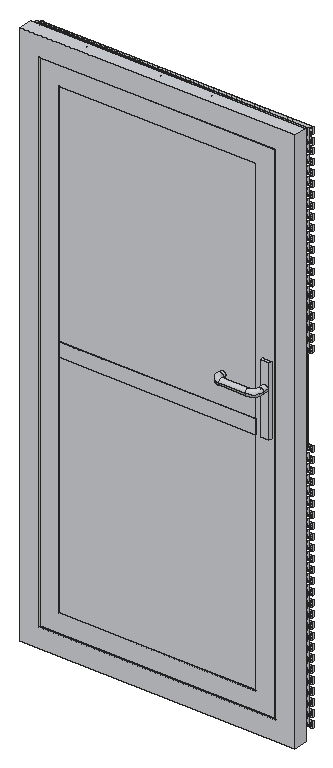
Revit family "NLRS_31_DO_WB_HF40-25 enkele deur-AV_jazo_jazo", category Doors, host Wall, Revit 2020 (continued)
Definition of nested family "NLRS_31_GM_UN_aluminium planken opbouwroosters-AV"
  Reference planes
    plane 8 "achterkant kozijn": y = -30
    plane 9 "offset b": z = 2763
    plane 10 "offset o": z = 33
    plane 11 "onder 1": z = 138
    plane 12 "boven 1": z = 1297.5
    plane 13 "Center (Elevation)": z = 1400
    plane 14 "onder 2": z = 1502.5
    plane 15 "boven 2": z = 2658
    plane 16 "offset left": x = -676
    plane 17 "boven 3": x = 676
    plane 18 "offset links 2": x = -571
    plane 19 "offset rechts 2": x = 571
    plane 20 "offset bottom": y = -7.192
    plane 21 "offset top": y = 7.192
    plane 22 "achterkant plank": y = -15.008
    plane 23 "voorkant plank": y = 15.008
    plane 24: x = -561
    plane 25: x = 561
    plane 26: z = 2648
    plane 27: z = 1512.5
    plane 28: z = 1287.5
    plane 29: z = 148
  Forms (mm)
    Extrusion 1, solid, material <- "NLRS_C_materiaal", visible <- "NLRS_C_zichtbaar_01"
      sketch origin (0, 0, 0) x (1, 0, 0) y (0, 0, 1)
        loop
          line (-571, 2658) -> (-571, 1502.5) -> (571, 1502.5) -> (571, 2658) -> (-571, 2658)
        loop
          line (-571, 1297.5) -> (-571, 138) -> (571, 138) -> (571, 1297.5) -> (-571, 1297.5)
      from -7.192 to 7.192
    Extrusion 2, solid, visible <- "NLRS_C_zichtbaar_02"
      sketch origin (1000, 0, 0) x (1, 0, 0) y (0, 0, 1)
        loop
          line (-1561, 2648) -> (-1561, 1512.5) -> (-439, 1512.5) -> (-439, 2648) -> (-1561, 2648)
        loop
          line (-1561, 1287.5) -> (-1561, 148) -> (-439, 148) -> (-439, 1287.5) -> (-1561, 1287.5)
      from -7.192 to 7.192
  Lines and regions (mm)
    symbolic lines, visible <- "JAZO_C_aluminium kozijn"
      curve 1: line (-576.485, -15.008, 0) -> (576.485, -15.008, 0)
      curve 2: line (576.485, 15.008, 0) -> (-576.485, 15.008, 0)
  Dimensions and locks
    "NLRS_C_hoogte": plane 6 "Top" to plane 2 "Bottom"
    "NLRS_C_breedte": plane 4 "Left" to plane 5 "Right"
    equal spacing: plane 4 "Left", plane 3 "Center (Left/Right)", plane 5 "Right"
    "NLRS_C_diepte": plane 7 "voorkant kozijn" to plane 8 "achterkant kozijn"
    equal spacing: plane 7 "voorkant kozijn", plane 1 "Center (Front/Back)", plane 8 "achterkant kozijn"
    locked: plane 10 "offset o" to plane 2 "Bottom" at 33
    locked: plane 6 "Top" to plane 9 "offset b" at 37
    plane 9 "offset b" to plane 10 "offset o" = 2730 mm
    equal spacing: plane 6 "Top", plane 13 "Center (Elevation)", plane 2 "Bottom"
    locked: plane 13 "Center (Elevation)" to plane 12 "boven 1" at 102.5
    locked: plane 11 "onder 1" to plane 2 "Bottom" at 138
    locked: plane 14 "onder 2" to plane 13 "Center (Elevation)" at 102.5
    locked: plane 6 "Top" to plane 15 "boven 2" at 142
    equal spacing: plane 16 "offset left", plane 3 "Center (Left/Right)", plane 17 "boven 3"
    "NLRS_C_breedte_01": plane 16 "offset left" to plane 17 "boven 3"
    "NLRS_C_breedte_03": plane 18 "offset links 2" to plane 19 "offset rechts 2"
    equal spacing: plane 18 "offset links 2", plane 3 "Center (Left/Right)", plane 19 "offset rechts 2"
    equal spacing: plane 22 "achterkant plank", plane 1 "Center (Front/Back)", plane 23 "voorkant plank"
    locked: plane 22 "achterkant plank" to plane 23 "voorkant plank" at 30.015
    locked: plane 21 "offset top" to plane 20 "offset bottom" at 14.385
    equal spacing: plane 21 "offset top", plane 1 "Center (Front/Back)", plane 20 "offset bottom"
    "NLRS_C_offset_01": plane 29 to plane 11 "onder 1"
    "NLRS_C_offset_01": plane 12 "boven 1" to plane 28
    "NLRS_C_offset_01": plane 27 to plane 14 "onder 2"
    "NLRS_C_offset_01": plane 15 "boven 2" to plane 26
    "NLRS_C_offset_01": plane 19 "offset rechts 2" to plane 25
    "NLRS_C_offset_01": plane 24 to plane 18 "offset links 2"
    aligned and locked: level to plane 2 "Bottom"
    aligned and locked: plane 1 "Center (Front/Back)" to nested 1
    aligned and locked: nested 1 to plane 16 "offset left"
    aligned and locked: plane 17 "boven 3" to nested 2
    aligned and locked: plane 10 "offset o" to nested 1
    aligned and locked: nested 2 to plane 10 "offset o"
    aligned and locked: plane 9 "offset b" to nested 3
    aligned and locked: plane 1 "Center (Front/Back)" to nested 3
    aligned and locked: plane 3 "Center (Left/Right)" to nested 3
    aligned and locked: plane 3 "Center (Left/Right)" to nested 4
    aligned and locked: plane 1 "Center (Front/Back)" to nested 4
    aligned and locked: plane 10 "offset o" to nested 4
    aligned and locked: plane 3 "Center (Left/Right)" to nested 5
    aligned and locked: plane 1 "Center (Front/Back)" to nested 5
    aligned and locked: plane 13 "Center (Elevation)" to nested 5
    aligned and locked: Extrusion 1 sketch curve to plane 15 "boven 2"
    aligned and locked: plane 18 "offset links 2" to Extrusion 1 sketch curve  (x2)
    aligned and locked: Extrusion 1 sketch curve to plane 14 "onder 2"
    aligned and locked: Extrusion 1 sketch curve to plane 19 "offset rechts 2"
    aligned and locked: Extrusion 1 sketch curve to plane 12 "boven 1"
    aligned and locked: Extrusion 1 sketch curve to plane 11 "onder 1"
    aligned and locked: plane 19 "offset rechts 2" to Extrusion 1 sketch curve
    aligned and locked: Extrusion 1 to plane 21 "offset top"
    aligned and locked: Extrusion 1 to plane 20 "offset bottom"
    aligned and locked: plane 22 "achterkant plank" to curve 1
    aligned and locked: plane 23 "voorkant plank" to curve 2
    aligned and locked: Extrusion 2 to plane 20 "offset bottom"
    aligned and locked: Extrusion 2 to plane 21 "offset top"
    aligned and locked: plane 24 to Extrusion 2 sketch curve  (x2)
    aligned and locked: plane 26 to Extrusion 2 sketch curve
    aligned and locked: Extrusion 2 sketch curve to plane 25  (x2)
    aligned and locked: plane 27 to Extrusion 2 sketch curve
    aligned and locked: Extrusion 2 sketch curve to plane 28
    aligned and locked: Extrusion 2 sketch curve to plane 29
  Automatic sketch dimensions
    curve 2 to plane 18 "offset links 2" = 5.485 mm
    curve 1 to plane 18 "offset links 2" = 5.485 mm
    curve 2 to plane 19 "offset rechts 2" = 5.485 mm
    curve 1 to plane 19 "offset rechts 2" = 5.485 mm
  Nested families
    nested 1: "NLRS_31_GM_UN_tussenplank 100-AV" at (-623.5, 0, 33), visible <- "JAZO_C_aluminium kozijn", type "tussenplank 100"
      with NLRS_C_zichtbaar_01 yes, NLRS_C_hoogte 2730 mm
    nested 2: "NLRS_31_GM_UN_tussenplank 100-AV" at (623.5, 0, 33) x (-1, 0, 0) z (0, 0, 1), visible <- "JAZO_C_aluminium kozijn", type "tussenplank 100"
      with NLRS_C_zichtbaar_01 yes, NLRS_C_hoogte 2730 mm
    nested 3: "NLRS_31_GM_UN_tussenplank 100 horziontaal-AV" at (0, 0, 2658), visible <- "JAZO_C_aluminium kozijn", type "tussenplank 100mm horzitontaal boven"
    nested 4: "NLRS_31_GM_UN_tussenplank 100 horziontaal-AV" at (0, 0, 33), visible <- "JAZO_C_aluminium kozijn", type "tussenplank 100mm horzitontaal onder"
    nested 5: "NLRS_31_GM_UN_tussenplank 200 horizontaal-AV" at (0, 0, 1297.5), visible <- "JAZO_C_aluminium kozijn", type "tussenplank 200mm"
      with NLRS_C_zichtbaar_01 yes, NLRS_C_breedte 1153 mm
  Definition of nested family "NLRS_31_GM_UN_tussenplank 100-AV"
    Parameters (values of type "tussenplank 100")
      URL = "www.jazo.com"
      NLRS_C_zichtbaar_01 [instance] = yes
      NLRS_C_materiaal = none
      NLRS_C_hoogte = 2334 mm
      NLRS_C_breedte = 105 mm  # constant formula
      Model = ""
      Manufacturer = "Jazo Zevenaar bv"
      Description = "Aluminium tussenplank 100mm"
      Default Elevation = 0 mm
      Assembly Code = "23.30.10.11"
    Reference planes
      plane 1 "Center (Front/Back)": y = 0
      plane 2 "Bottom": z = 0
      plane 3 "Center (Left/Right)": x = 0
      plane 4 "Left": x = -52.5
      plane 5 "Right": x = 52.5
      plane 6 "Top": z = 2334
    Forms (mm)
      Extrusion 1, solid, material <- "NLRS_C_materiaal", visible <- "NLRS_C_zichtbaar_01"
        sketch origin (0, -15.008, 0) x (1, 0, 0) y (0, 1, 0)
          loop
            line (47.015, 30) -> (-52.5, 30) -> (-52.5, 28) -> (-49.253, 28) -> (-47.015, 22.295) -> (-47.015, 7.721) -> (-49.253, 2) -> (-52.5, 2) -> (-52.5, 0) -> (47.015, 0) -> (47.015, 2.5) -> (50.42, 2.5) -> (52.5, 7.815) -> (52.5, 22.2) -> (50.42, 27.5) -> (47.015, 27.5) -> (47.015, 30)
          loop
            line (-44.5, 2) -> (-36.3, 2) -> (-36.3, 4.5) -> (-34.3, 4.5) -> (-34.3, 2) -> (45.015, 2) -> (45.015, 4.25) -> (49.8, 4.25) -> (49.8, 25.75) -> (45.015, 25.75) -> (45.015, 28) -> (-34.3, 28) -> (-34.3, 25.5) -> (-36.3, 25.5) -> (-36.3, 28) -> (-44.5, 28) -> (-44.5, 2)
        from 0 to 2334
    Dimensions and locks
      equal spacing: plane 4 "Left", plane 3 "Center (Left/Right)", plane 5 "Right"
      "NLRS_C_breedte": plane 4 "Left" to plane 5 "Right"
      "NLRS_C_hoogte": plane 6 "Top" to plane 2 "Bottom"
      aligned and locked: level to plane 2 "Bottom"
      aligned and locked: plane 6 "Top" to Extrusion 1
      aligned and locked: Extrusion 1 to level
    Automatic sketch dimensions
      Extrusion 1 sketch curve to plane 4 "Left" = 0 mm  (x2)
      Extrusion 1 sketch curve to plane 5 "Right" = 0 mm
      Extrusion 1 sketch curve to plane 4 "Left" = 3.247 mm  (x2)
      Extrusion 1 sketch curve to plane 4 "Left" = 5.485 mm
      Extrusion 1 sketch curve to Extrusion 1 sketch curve = 4.753 mm
      Extrusion 1 sketch curve to Extrusion 1 sketch curve = 8.2 mm  (x2)
      Extrusion 1 sketch curve to Extrusion 1 sketch curve = 2 mm  (x6)
      plane 5 "Right" to Extrusion 1 sketch curve = 7.485 mm  (x2)
      plane 5 "Right" to Extrusion 1 sketch curve = 2.7 mm
      Extrusion 1 sketch curve to Extrusion 1 sketch curve = 0.62 mm  (x2)
      plane 1 "Center (Front/Back)" to Extrusion 1 sketch curve = 15.008 mm
      plane 1 "Center (Front/Back)" to Extrusion 1 sketch curve = 13.008 mm
      Extrusion 1 sketch curve to Extrusion 1 sketch curve = 0 mm  (x3)
      Extrusion 1 sketch curve to Extrusion 1 sketch curve = 2.5 mm  (x2)
      Extrusion 1 sketch curve to Extrusion 1 sketch curve = 2.25 mm
      Extrusion 1 sketch curve to Extrusion 1 sketch curve = 5.721 mm
      Extrusion 1 sketch curve to Extrusion 1 sketch curve = 3.565 mm
      Extrusion 1 sketch curve to plane 1 "Center (Front/Back)" = 7.192 mm
      Extrusion 1 sketch curve to plane 1 "Center (Front/Back)" = 7.287 mm
      Extrusion 1 sketch curve to plane 1 "Center (Front/Back)" = 10.492 mm
      Extrusion 1 sketch curve to Extrusion 1 sketch curve = 3.55 mm
      Extrusion 1 sketch curve to Extrusion 1 sketch curve = 1.75 mm
      Extrusion 1 sketch curve to Extrusion 1 sketch curve = 0.5 mm
  Definition of nested family "NLRS_31_GM_UN_tussenplank 100 horziontaal-AV"
    Parameters (values of type "tussenplank 100mm horzitontaal boven")
      URL = "www.jazo.com"
      NLRS_C_zichtbaar_02 = yes
      NLRS_C_zichtbaar_01 = no
      NLRS_C_materiaal = none
      NLRS_C_hoogte = 105 mm  # constant formula
      NLRS_C_breedte = 1153 mm
      Model = ""
      Manufacturer = "Jazo Zevenaar bv"
      Description = "Aluminium tussenplank 100mm horzitontaal boven"
      Default Elevation = 0 mm
      Assembly Code = "23.30.10.11"
    Types (2, lengths in mm): name | NLRS_C_zichtbaar_02 | NLRS_C_zichtbaar_01 | Description
      tussenplank 100mm horzitontaal boven | yes | no | "Aluminium tussenplank 100mm horzitontaal boven"
      tussenplank 100mm horzitontaal onder | no | yes | "Aluminium tussenplank 100mm horzitontaal onder"
    Reference planes
      plane 1 "Center (Front/Back)": y = 0
      plane 2 "Bottom": z = 0
      plane 3 "Center (Left/Right)": x = 0
      plane 4 "Left": x = -576.5
      plane 5 "Right": x = 576.5
      plane 6 "Top": z = 105
    Forms (mm)
      Extrusion 1, solid, material <- "NLRS_C_materiaal", visible <- "NLRS_C_zichtbaar_01"
        sketch origin (0, 0, 0) x (0, 1, 0) y (0, 0, 1)
          loop
            line (14.992, 99.515) -> (12.492, 99.515) -> (12.492, 102.92) -> (7.192, 105) -> (-7.192, 105) -> (-12.508, 102.92) -> (-12.508, 99.515) -> (-15.008, 99.515) -> (-15.008, 0) -> (-13.008, 0) -> (-13.008, 3.247) -> (-7.287, 5.485) -> (7.287, 5.485) -> (12.992, 3.247) -> (12.992, 0) -> (14.992, 0) -> (14.992, 99.515)
          loop
            line (-13.008, 8) -> (12.992, 8) -> (12.992, 16.2) -> (10.492, 16.2) -> (10.492, 18.2) -> (12.992, 18.2) -> (12.992, 97.515) -> (10.742, 97.515) -> (10.742, 102.3) -> (-10.758, 102.3) -> (-10.758, 97.515) -> (-13.008, 97.515) -> (-13.008, 18.2) -> (-10.508, 18.2) -> (-10.508, 16.2) -> (-13.008, 16.2) -> (-13.008, 8)
        from -576.5 to 576.5
      Extrusion 2, solid, material <- "NLRS_C_materiaal", visible <- "NLRS_C_zichtbaar_02"
        sketch origin (0, -0.008, 105) x (0, -1, 0) y (0, 0, -1)
          loop
            line (14.992, 99.515) -> (12.492, 99.515) -> (12.492, 102.92) -> (7.192, 105) -> (-7.192, 105) -> (-12.508, 102.92) -> (-12.508, 99.515) -> (-15.008, 99.515) -> (-15.008, 0) -> (-13.008, 0) -> (-13.008, 3.247) -> (-7.287, 5.485) -> (7.287, 5.485) -> (12.992, 3.247) -> (12.992, 0) -> (14.992, 0) -> (14.992, 99.515)
          loop
            line (-13.008, 8) -> (12.992, 8) -> (12.992, 16.2) -> (10.492, 16.2) -> (10.492, 18.2) -> (12.992, 18.2) -> (12.992, 97.515) -> (10.742, 97.515) -> (10.742, 102.3) -> (-10.758, 102.3) -> (-10.758, 97.515) -> (-13.008, 97.515) -> (-13.008, 18.2) -> (-10.508, 18.2) -> (-10.508, 16.2) -> (-13.008, 16.2) -> (-13.008, 8)
        from -576.5 to 576.5
    Dimensions and locks
      equal spacing: plane 4 "Left", plane 3 "Center (Left/Right)", plane 5 "Right"
      "NLRS_C_breedte": plane 4 "Left" to plane 5 "Right"
      "NLRS_C_hoogte": plane 6 "Top" to plane 2 "Bottom"
      aligned and locked: level to plane 2 "Bottom"
      aligned and locked: plane 4 "Left" to Extrusion 1
      aligned and locked: Extrusion 1 to plane 5 "Right"
      aligned and locked: plane 4 "Left" to Extrusion 2
      aligned and locked: Extrusion 2 to plane 5 "Right"
    Automatic sketch dimensions
      plane 1 "Center (Front/Back)" to Extrusion 1 sketch curve = 15.008 mm
      Extrusion 1 sketch curve to Extrusion 1 sketch curve = 2 mm  (x5)
      level to Extrusion 1 sketch curve = 18.2 mm
      Extrusion 1 sketch curve to Extrusion 1 sketch curve = 0 mm  (x5)
      Extrusion 1 sketch curve to Extrusion 1 sketch curve = 2.5 mm  (x2)
      Extrusion 1 sketch curve to Extrusion 1 sketch curve = 2.25 mm
      Extrusion 1 sketch curve to Extrusion 1 sketch curve = 5.721 mm
      Extrusion 1 sketch curve to Extrusion 1 sketch curve = 3.565 mm
      Extrusion 1 sketch curve to Extrusion 1 sketch curve = 14.385 mm
      Extrusion 1 sketch curve to Extrusion 1 sketch curve = 14.574 mm
      level to Extrusion 1 sketch curve = 16.2 mm  (x2)
      Extrusion 1 sketch curve to Extrusion 1 sketch curve = 3.205 mm
      Extrusion 1 sketch curve to Extrusion 1 sketch curve = 3.55 mm
      Extrusion 1 sketch curve to Extrusion 1 sketch curve = 1.75 mm
      Extrusion 1 sketch curve to Extrusion 1 sketch curve = 0.5 mm
      level to Extrusion 1 sketch curve = 3.247 mm  (x2)
      Extrusion 1 sketch curve to Extrusion 1 sketch curve = 3.247 mm  (x2)
      Extrusion 1 sketch curve to Extrusion 1 sketch curve = 2.239 mm
      Extrusion 1 sketch curve to Extrusion 1 sketch curve = 4.753 mm
      Extrusion 1 sketch curve to Extrusion 1 sketch curve = 79.315 mm
      Extrusion 1 sketch curve to Extrusion 1 sketch curve = 2.785 mm
      Extrusion 1 sketch curve to Extrusion 1 sketch curve = 0.62 mm  (x2)
      Extrusion 1 sketch curve to Extrusion 1 sketch curve = 2.7 mm
      Extrusion 2 sketch curve to plane 6 "Top" = 0 mm  (x2)
      Extrusion 2 sketch curve to level = 0 mm
      level to Extrusion 2 sketch curve = 5.485 mm
      Extrusion 2 sketch curve to plane 1 "Center (Front/Back)" = 15 mm
      Extrusion 2 sketch curve to Extrusion 2 sketch curve = 2 mm  (x6)
      Extrusion 2 sketch curve to Extrusion 2 sketch curve = 0 mm  (x4)
      level to Extrusion 2 sketch curve = 2.08 mm  (x2)
      Extrusion 2 sketch curve to Extrusion 2 sketch curve = 2.5 mm  (x2)
      Extrusion 2 sketch curve to Extrusion 2 sketch curve = 2.25 mm
      Extrusion 2 sketch curve to Extrusion 2 sketch curve = 5.721 mm
      Extrusion 2 sketch curve to Extrusion 2 sketch curve = 3.565 mm
      Extrusion 2 sketch curve to Extrusion 2 sketch curve = 14.385 mm
      Extrusion 2 sketch curve to plane 6 "Top" = 5.485 mm
      Extrusion 2 sketch curve to Extrusion 2 sketch curve = 14.574 mm
      Extrusion 2 sketch curve to Extrusion 2 sketch curve = 3.205 mm
      Extrusion 2 sketch curve to Extrusion 2 sketch curve = 3.55 mm
      Extrusion 2 sketch curve to Extrusion 2 sketch curve = 1.75 mm
      Extrusion 2 sketch curve to Extrusion 2 sketch curve = 0.5 mm
      Extrusion 2 sketch curve to plane 6 "Top" = 3.247 mm
      Extrusion 2 sketch curve to Extrusion 2 sketch curve = 3.247 mm
      Extrusion 2 sketch curve to Extrusion 2 sketch curve = 4.753 mm
      Extrusion 2 sketch curve to Extrusion 2 sketch curve = 8.2 mm  (x2)
      Extrusion 2 sketch curve to Extrusion 2 sketch curve = 5.406 mm
      Extrusion 2 sketch curve to Extrusion 2 sketch curve = 0.62 mm
  Definition of nested family "NLRS_31_GM_UN_tussenplank 200 horizontaal-AV"
    Parameters (values of type "tussenplank 200mm")
      URL = "www.jazo.com"
      NLRS_C_zichtbaar_01 [instance] = yes
      NLRS_C_materiaal = none
      NLRS_C_hoogte = 205 mm  # constant formula
      NLRS_C_breedte = 1027 mm
      Model = ""
      Manufacturer = "Jazo Zevenaar bv"
      Description = "Aluminium tussenplank 200mm"
      Default Elevation = 0 mm
      Assembly Code = "23.30.10.11"
    Reference planes
      plane 1 "Center (Front/Back)": y = 0
      plane 2 "Bottom": z = 0
      plane 3 "Center (Left/Right)": x = 0
      plane 4 "Top": z = 205
      plane 5 "Left": x = -513.5
      plane 6 "Right": x = 513.5
      plane 7 "Center (Elevation)": z = 102.5
    Forms (mm)
      Extrusion 1, solid, material <- "NLRS_C_materiaal"
        sketch origin (0, 0, 0) x (0, 1, 0) y (0, 0, 1)
          loop
            line (14.992, 101.796) -> (14.284, 102.504) -> (14.992, 103.212) -> (14.992, 199.515) -> (12.492, 199.515) -> (12.492, 202.92) -> (7.192, 205) -> (-7.192, 205) -> (-12.508, 202.92) -> (-12.508, 199.515) -> (-15.008, 199.515) -> (-15.008, 103.207) -> (-14.301, 102.5) -> (-15.008, 101.793) -> (-15.008, 0) -> (-13.008, 0) -> (-13.008, 3.21) -> (-7.192, 5.485) -> (7.192, 5.485) -> (12.992, 3.21) -> (12.992, 0) -> (14.992, 0) -> (14.992, 101.796)
          loop
            line (-13.008, 8) -> (12.992, 8) -> (12.992, 16.2) -> (10.492, 16.2) -> (10.492, 18.2) -> (12.992, 18.2) -> (12.992, 103.907) -> (-13.008, 103.907) -> (-13.008, 18.2) -> (-10.508, 18.2) -> (-10.508, 16.2) -> (-13.008, 16.2) -> (-13.008, 8)
          loop
            line (-13.008, 105.907) -> (12.992, 105.907) -> (12.992, 197.515) -> (10.742, 197.515) -> (10.742, 202.3) -> (-10.758, 202.3) -> (-10.758, 197.515) -> (-13.008, 197.515) -> (-13.008, 105.907)
        from -513.5 to 513.5
    Dimensions and locks
      equal spacing: plane 5 "Left", plane 3 "Center (Left/Right)", plane 6 "Right"
      "NLRS_C_breedte": plane 5 "Left" to plane 6 "Right"
      "NLRS_C_hoogte": plane 4 "Top" to plane 2 "Bottom"
      equal spacing: plane 4 "Top", plane 7 "Center (Elevation)", level
      aligned and locked: level to plane 2 "Bottom"
      aligned and locked: plane 5 "Left" to Extrusion 1
      aligned and locked: Extrusion 1 to plane 6 "Right"
    Automatic sketch dimensions
      plane 1 "Center (Front/Back)" to Extrusion 1 sketch curve = 15.008 mm
      Extrusion 1 sketch curve to Extrusion 1 sketch curve = 0 mm  (x5)
      Extrusion 1 sketch curve to Extrusion 1 sketch curve = 0.707 mm  (x2)
      Extrusion 1 sketch curve to Extrusion 1 sketch curve = 2 mm  (x8)
      Extrusion 1 sketch curve to Extrusion 1 sketch curve = 1.293 mm
      Extrusion 1 sketch curve to Extrusion 1 sketch curve = 2.5 mm  (x2)
      Extrusion 1 sketch curve to Extrusion 1 sketch curve = 1.75 mm  (x2)
      Extrusion 1 sketch curve to Extrusion 1 sketch curve = 3.565 mm
      Extrusion 1 sketch curve to Extrusion 1 sketch curve = 5.815 mm
      Extrusion 1 sketch curve to Extrusion 1 sketch curve = 14.385 mm  (x2)
      level to Extrusion 1 sketch curve = 18.2 mm  (x2)
      Extrusion 1 sketch curve to Extrusion 1 sketch curve = 3.3 mm
      Extrusion 1 sketch curve to Extrusion 1 sketch curve = 3.55 mm
      Extrusion 1 sketch curve to Extrusion 1 sketch curve = 5.8 mm
      Extrusion 1 sketch curve to Extrusion 1 sketch curve = 1.292 mm
      Extrusion 1 sketch curve to Extrusion 1 sketch curve = 0.708 mm  (x3)
      Extrusion 1 sketch curve to Extrusion 1 sketch curve = 8.2 mm
      Extrusion 1 sketch curve to Extrusion 1 sketch curve = 2.515 mm
      Extrusion 1 sketch curve to Extrusion 1 sketch curve = 4.79 mm  (x2)
      Extrusion 1 sketch curve to Extrusion 1 sketch curve = 3.21 mm  (x2)
      level to Extrusion 1 sketch curve = 101.793 mm
      Extrusion 1 sketch curve to Extrusion 1 sketch curve = 0.003 mm
      Extrusion 1 sketch curve to Extrusion 1 sketch curve = 1.407 mm
      Extrusion 1 sketch curve to Extrusion 1 sketch curve = 91.607 mm
      Extrusion 1 sketch curve to Extrusion 1 sketch curve = 2.785 mm
      Extrusion 1 sketch curve to Extrusion 1 sketch curve = 0.62 mm  (x2)
      Extrusion 1 sketch curve to Extrusion 1 sketch curve = 2.7 mm
Definition of nested family "NLRS_31_DI_UN_markering"
  Parameters (values of type "NLRS_C_31_DI_markering")
    URL = "www.jazo.com"
    NLRS_C_zichtbaar_01 = if(or(NLRS_C_brandwerend, NLRS_C_zelfsluitend), 1 < 2, 2 < 1)  # no
    NLRS_C_zelfsluitend = no
    NLRS_C_brandwerend = no
    Manufacturer = "JAZO Zevenaar bv"
    Description = "Markering detail"
  Reference planes
    plane 1 "Center (Front/Back)": y = 0
    plane 2: z = 0
    plane 3 "Center (Left/Right)": x = 0
    plane 4 "voorkant kozijn": y = 30
    plane 5 "achterkant kozijn": y = -30
    plane 6 "Right": x = 20
    plane 7 "Left": x = -20
    plane 8 "offset left": x = -25
    plane 9 "offset right": x = 25
    plane 10 "achterkant": y = -129.538
    plane 11 "voorkant": y = 129.538
  Lines and regions (mm)
    detail lines, in view "Ref. Level", visible <- "NLRS_C_zichtbaar_01"
      curve 1: line (0, -129.538, 0) -> (0, 129.538, 0)
    detail lines, in view "Ref. Level", visible <- "NLRS_C_brandwerend"
      curve 2: line (-20, -129.538, 0) -> (20, -101.53, 0)
      curve 3: line (20, -129.538, 0) -> (-20, -101.53, 0)
      curve 4: line (-20, -101.53, 0) -> (20, -73.522, 0)
      curve 5: line (20, -101.53, 0) -> (-20, -73.522, 0)
      curve 6: line (-20, 129.538, 0) -> (20, 101.53, 0)
      curve 7: line (20, 129.538, 0) -> (-20, 101.53, 0)
      curve 8: line (-20, 101.53, 0) -> (20, 73.522, 0)
      curve 9: line (20, 101.53, 0) -> (-20, 73.522, 0)
    detail lines, in view "Ref. Level", visible <- "NLRS_C_zelfsluitend"
      curve 10: line (-25, -70.021, 0) -> (25, -35.01, 0)
      curve 11: line (25, -35.01, 0) -> (-25, 0, 0)
      curve 12: line (-25, 0, 0) -> (25, 35.01, 0)
      curve 13: line (25, 35.01, 0) -> (-25, 70.021, 0)
  Dimensions and locks
    equal spacing: plane 5 "achterkant kozijn", plane 1 "Center (Front/Back)", plane 4 "voorkant kozijn"
    equal spacing: plane 7 "Left", plane 3 "Center (Left/Right)", plane 6 "Right"
    locked: plane 7 "Left" to plane 6 "Right" at 40
    locked: plane 8 "offset left" to plane 7 "Left" at 5
    locked: plane 6 "Right" to plane 9 "offset right" at 5
    equal spacing: plane 11 "voorkant", plane 1 "Center (Front/Back)", plane 10 "achterkant"
    locked: plane 11 "voorkant" to plane 10 "achterkant" at 259.077
    locked: plane 5 "achterkant kozijn" to plane 4 "voorkant kozijn" at 60
    aligned and locked: plane 3 "Center (Left/Right)" to curve 1
  Automatic sketch dimensions
    curve 12 to plane 8 "offset left" = 0 mm
    curve 10 to plane 8 "offset left" = 0 mm
    curve 13 to plane 8 "offset left" = 0 mm
    curve 3 to plane 7 "Left" = 0 mm
    curve 8 to plane 7 "Left" = 0 mm
    curve 9 to plane 7 "Left" = 0 mm
    curve 5 to plane 7 "Left" = 0 mm
    curve 6 to plane 7 "Left" = 0 mm
    curve 8 to plane 6 "Right" = 0 mm
    curve 9 to plane 6 "Right" = 0 mm
    curve 7 to plane 6 "Right" = 0 mm
    curve 2 to plane 6 "Right" = 0 mm
    curve 3 to plane 6 "Right" = 0 mm
    curve 4 to plane 6 "Right" = 0 mm
    curve 13 to plane 9 "offset right" = 0 mm
    curve 11 to plane 9 "offset right" = 0 mm
    plane 5 "achterkant kozijn" to curve 3 = 71.53 mm
    curve 3 to curve 2 = 0 mm
    plane 5 "achterkant kozijn" to curve 10 = 5.01 mm
    plane 1 "Center (Front/Back)" to curve 12 = 0 mm
    curve 12 to plane 4 "voorkant kozijn" = 5.01 mm
    curve 12 to curve 6 = 66.52 mm
    curve 7 to curve 6 = 0 mm
    curve 3 to curve 2 = 28.008 mm
    curve 2 to curve 4 = 28.008 mm
    curve 3 to curve 5 = 28.008 mm
    curve 5 to curve 10 = 3.501 mm
    curve 13 to curve 7 = 31.509 mm
    curve 8 to curve 6 = 28.008 mm
    curve 13 to curve 9 = 3.501 mm
    curve 7 to curve 1 = 28.008 mm
    curve 6 to curve 1 = 0 mm
    curve 1 to curve 7 = 0 mm
    curve 2 to plane 7 "Left" = 0 mm
    curve 2 to curve 3 = 28.008 mm
    curve 1 to curve 3 = 0 mm
Definition of nested family "NLRS_31_GA_UN_error message"
  Parameters (values of type "NLRS_31_GA_UN_error mesage")
    NLRS_C_zichtbaar_10 = if(NLRS_C_zichtbaar_01, 1 < 2, if(NLRS_C_zichtbaar_02, 1 < 2, if(NLRS_C_zichtbaar_03, 1 < 2, if(NLRS_C_zichtbaar_04, 1 < 2, if(NLRS_C_zichtbaar_05, 1 < 2, 2 < 1)))))  # yes
    NLRS_C_zichtbaar_05 = if(and(JAZO_C_aluminium kozijn, NLRS_C_brandwerend), 1 < 2, 2 < 1)  # yes
    NLRS_C_zichtbaar_04 = if(NLRS_C_breedte < NLRS_C_breedte_min, 1 < 2, 2 < 1)  # no
    NLRS_C_zichtbaar_03 = if(NLRS_C_breedte > NLRS_C_breedte_max, 1 < 2, 2 < 1)  # no
    NLRS_C_zichtbaar_02 = if(NLRS_C_hoogte < NLRS_C_hoogte_min, 1 < 2, 2 < 1)  # no
    NLRS_C_zichtbaar_01 = if(NLRS_C_hoogte > NLRS_C_hoogte_max, 1 < 2, 2 < 1)  # no
    NLRS_C_hoogte_min = 1850 mm
    NLRS_C_hoogte_max = 2645 mm
    NLRS_C_hoogte = 2500 mm
    NLRS_C_breedte_min = 850 mm
    NLRS_C_breedte_max = 1661 mm
    NLRS_C_breedte = 1000 mm
    NLRS_C_brandwerend = yes
    JAZO_C_aluminium kozijn = yes
  Reference planes
    plane 1: y = 0
    plane 2: x = 0
  Lines and regions (mm)
    Filled region 1, type "Zwart", not visible
      outline origin (253.64, 140.595, 0) x (1, 0, 0) y (0, 1, 0)
        loop
          line (134.592, 287.146) -> (41.891, 131.062)
          arc (41.891, 131.062) -> (41.863, 128.047) -> (44.47, 126.53) r 3
          line (44.47, 126.53) -> (229.873, 126.53)
          arc (229.873, 126.53) -> (232.48, 128.047) -> (232.452, 131.062) r 3
          line (232.452, 131.062) -> (139.751, 287.146)
          arc (139.751, 287.146) -> (137.171, 288.614) -> (134.592, 287.146) r 3
        loop
          line (62.04, 139.53) -> (212.303, 139.53) -> (137.171, 266.031) -> (62.04, 139.53)
    Filled region 2, type "Geel", not visible
      outline origin (253.64, 140.595, 0) x (1, 0, 0) y (0, 1, 0)
        loop
          line (62.04, 139.53) -> (212.303, 139.53) -> (137.171, 266.031) -> (62.04, 139.53)
    Filled region 3, type "Zwart", not visible
      outline origin (253.64, 140.595, 0) x (1, 0, 0) y (0, 1, 0)
        loop
          line (127.78, 234.406) -> (132.476, 171.156) -> (141.867, 171.156) -> (146.563, 234.406) -> (127.78, 234.406)
        loop
          circle (137.171, 160.994) r 7.044
    Filled region 4, type "Rood 2", visible <- "NLRS_C_zichtbaar_10"
      outline origin (0, 0, 0) x (1, 0, 0) y (0, 1, 0)
        loop
          line (-50, 14) -> (-50, -14) -> (50, -14) -> (50, 14) -> (-50, 14)
  Text (mm)
    text "Error: Height > Max Height" at (-1.89, -0.035, 0), visible <- "NLRS_C_zichtbaar_01"
    text "Error: Height < Min Height" at (-1.89, -0.035, 0), visible <- "NLRS_C_zichtbaar_02"
    text "Error: Width > Max Width" at (-1.89, -6.035, 0), visible <- "NLRS_C_zichtbaar_03"
    text "Error: Width < Min Width" at (-1.89, -6.035, 0), visible <- "NLRS_C_zichtbaar_04"
    text "Error: Aluminium kozijn ≠ brandwerend" at (-1.89, 5.965, 0), visible <- "NLRS_C_zichtbaar_05"
  Dimensions and locks
    equal spacing: Filled region 4 sketch curve, plane 1, Filled region 4 sketch curve
    Filled region 4 sketch curve to Filled region 4 sketch curve = 28 mm
    plane 1 to Filled region 4 sketch curve = 14 mm
    equal spacing: Filled region 4 sketch curve, plane 2, Filled region 4 sketch curve
    Filled region 4 sketch curve to plane 2 = 50 mm
Definition of nested family "NLRS_31_DI_UN_beslagbak detail HS27R"
  Parameters (values of type "beslagbak detail HS27R")
    URL = "www.jazo.com"
    Manufacturer = "JAZO Zevenaar bv"
    JAZO_C_opbouwrooster HS27R = yes
    JAZO_C_forster presto kozijn = yes
    JAZO_C_aluminium kozijn = no
    Description = "beslagbak detail HS27R"
  Reference planes
    plane 1 "Center (Front/Back)": y = 0
    plane 2: z = 0
    plane 3 "Center (Left/Right)": x = 0
    plane 4 "offset rechts": x = 99
    plane 5 "alu": y = -70.992
    plane 6 "st": y = -90.992
  Lines and regions (mm)
    Filled region 1, type "Solid Fill - White", in view "Ref. Level", visible <- "JAZO_C_aluminium kozijn"
      outline origin (0, 41.508, 0) x (1, 0, 0) y (0, 1, 0)
        loop
          line (11, -124.5) -> (16, -124.5) -> (16, -112.5) -> (-16, -112.5) -> (-16, -124.5) -> (-11, -124.5) -> (-11, -146.5)
          arc (-11, -146.5) -> (-15.027, -156.222) -> (-24.749, -160.249) r 13.749
          line (-24.749, -160.249) -> (-120.749, -160.249)
          arc (-120.749, -160.249) -> (-130.471, -156.222) -> (-134.497, -146.5) r 13.749
          line (-134.497, -146.5) -> (-134.497, -135.5) -> (-156.497, -135.5) -> (-156.497, -146.5)
          arc (-156.497, -146.5) -> (-146.027, -171.778) -> (-120.749, -182.249) r 35.749
          line (-120.749, -182.249) -> (-24.749, -182.249)
          arc (-24.749, -182.249) -> (0.529, -171.778) -> (11, -146.5) r 35.749
          line (11, -146.5) -> (11, -124.5)
    Filled region 2, type "Solid Fill - White", in view "Ref. Level", visible <- "JAZO_C_forster presto kozijn"
      outline origin (0, 21.508, 0) x (1, 0, 0) y (0, 1, 0)
        loop
          line (11, -124.5) -> (16, -124.5) -> (16, -112.5) -> (-16, -112.5) -> (-16, -124.5) -> (-11, -124.5) -> (-11, -146.5)
          arc (-11, -146.5) -> (-15.027, -156.222) -> (-24.749, -160.249) r 13.749
          line (-24.749, -160.249) -> (-120.749, -160.249)
          arc (-120.749, -160.249) -> (-130.471, -156.222) -> (-134.497, -146.5) r 13.749
          line (-134.497, -146.5) -> (-134.497, -135.5) -> (-156.497, -135.5) -> (-156.497, -146.5)
          arc (-156.497, -146.5) -> (-146.027, -171.778) -> (-120.749, -182.249) r 35.749
          line (-120.749, -182.249) -> (-24.749, -182.249)
          arc (-24.749, -182.249) -> (0.529, -171.778) -> (11, -146.5) r 35.749
          line (11, -146.5) -> (11, -124.5)
    Filled region 3, type "Solid Fill - White", in view "Ref. Level", visible <- "JAZO_C_opbouwrooster HS27R"
      outline origin (0, 41.508, 0) x (1, 0, 0) y (0, 1, 0)
        loop
          line (-25, -25.5) -> (-11, -25.5) -> (-11, -55.5) -> (-16, -55.5) -> (-16, -67.5) -> (16, -67.5) -> (16, -55.5) -> (11, -55.5) -> (11, -25.5) -> (25, -25.5) -> (25, -9.5) -> (-25, -9.5) -> (-25, -25.5)
    Filled region 4, type "Solid Fill - White", in view "Ref. Level", visible <- "JAZO_C_opbouwrooster HS27R"
      outline origin (0, 41.508, 0) x (1, 0, 0) y (0, 1, 0)
        loop
          line (95, -41.508) -> (93, -41.508) -> (93, -67.5) -> (-207.786, -67.5)
          arc (-207.786, -67.5) -> (-210.766, -68.734) -> (-212, -71.714) r 4.214
          line (-212, -71.714) -> (-212, -78.7) -> (-238, -78.7) -> (-238, -43.8) -> (-240, -43.8) -> (-240, -78.7)
          arc (-240, -78.7) -> (-239.414, -80.114) -> (-238, -80.7) r 2
          line (-238, -80.7) -> (-212, -80.7)
          arc (-212, -80.7) -> (-210.586, -80.114) -> (-210, -78.7) r 2
          line (-210, -78.7) -> (-210, -71.714)
          arc (-210, -71.714) -> (-209.41, -70.29) -> (-207.986, -69.7) r 2.014
          line (-207.986, -69.7) -> (95, -69.7) -> (95, -41.508)
    detail lines, in view "Ref. Level", visible <- "JAZO_C_aluminium kozijn"
      curve 1: line (-16, -82.992, 0) -> (16, -82.992, 0)
    detail lines, in view "Ref. Level", visible <- "JAZO_C_forster presto kozijn"
      curve 2: line (-16, -102.992, 0) -> (16, -102.992, 0)
    detail lines, in view "Ref. Level", visible <- "JAZO_C_opbouwrooster HS27R"
      curve 3: line (-11, 16.008, 0) -> (11, 16.008, 0)
      curve 4: line (-11, -13.992, 0) -> (11, -13.992, 0)
  Dimensions and locks
    locked: plane 3 "Center (Left/Right)" to plane 4 "offset rechts" at 99
    locked: plane 5 "alu" to plane 1 "Center (Front/Back)" at 70.992
    locked: plane 5 "alu" to plane 6 "st" at 20
Definition of nested family "NLRS_31_DI_UN_scharnier detail HS27R"
  Parameters (values of type "scharnier detail HS27R")
    URL = "www.jazo.com"
    Manufacturer = "JAZO Zevenaar bv"
    JAZO_C_forster presto kozijn = no
    JAZO_C_aluminium kozijn = yes
    Description = "scharnier detail HS27R"
  Reference planes
    plane 1 "Center (Front/Back)": y = 0
    plane 2: z = 0
    plane 3 "Center (Left/Right)": x = 0
    plane 4 "offset": x = 20
  Lines and regions (mm)
    Filled region 1, type "Solid Fill - White", in view "Ref. Level", visible <- "JAZO_C_forster presto kozijn"
      outline origin (0, 0, 0) x (1, 0, 0) y (0, 1, 0)
        loop
          line (95, 0) -> (95, 6)
          arc (95, 6) -> (93.536, 9.536) -> (90, 11) r 5
          line (90, 11) -> (33, 11)
          arc (33, 11) -> (27.343, 13.343) -> (25, 19) r 8
          line (25, 19) -> (25, 24.5) -> (15, 24.5) -> (15, 6) -> (19, 2) -> (44.5, 2) -> (44.5, 0) -> (95, 0)
        loop
          line (15.5, 29.5) -> (24.5, 29.5) -> (24.5, 38.5) -> (15.5, 38.5) -> (15.5, 29.5)
    Filled region 2, type "Solid Fill - White", in view "Ref. Level", visible <- "JAZO_C_forster presto kozijn"
      outline origin (0, -40, 0) x (1, 0, 0) y (0, 1, 0)
        loop
          circle (20, 74) r 9.5
    Filled region 3, type "Solid Fill - White", in view "Ref. Level", visible <- "JAZO_C_aluminium kozijn"
      outline origin (20.01, 81.5, 0) x (1, 0, 0) y (0, 1, 0)
        loop
          arc (-4, -81.5) -> (-3.293, -81.207) -> (-3, -80.5) r 1
          line (-3, -80.5) -> (-3, -52.487)
          arc (-3, -52.487) -> (-2.247, -50.699) -> (-0.442, -49.988) r 2.5
          arc (-0.442, -49.988) -> (1.661, -49.857) -> (3.69, -49.288) r 10
          arc (3.69, -49.288) -> (6.549, -49.036) -> (9.076, -50.397) r 5
          line (9.076, -50.397) -> (12.99, -54.311) -> (12.99, -80.5)
          arc (12.99, -80.5) -> (13.283, -81.207) -> (13.99, -81.5) r 1
          line (13.99, -81.5) -> (19.99, -81.5)
          arc (19.99, -81.5) -> (20.697, -81.207) -> (20.99, -80.5) r 1
          line (20.99, -80.5) -> (20.99, -50.997) -> (9.99, -39.997)
          arc (9.99, -39.997) -> (-1.629, -30.129) -> (-9.486, -43.192) r 10
          arc (-9.486, -43.192) -> (-9.518, -43.666) -> (-9.764, -44.072) r 1
          line (-9.764, -44.072) -> (-13, -47.307) -> (-13, -80.5)
          arc (-13, -80.5) -> (-12.707, -81.207) -> (-12, -81.5) r 1
          line (-12, -81.5) -> (-4, -81.5)
    detail lines, in view "Ref. Level", visible <- "JAZO_C_forster presto kozijn"
      curve 1: arc (11, 34, 0) -> (20, 25, 0) -> (29, 34, 0) r 9
      curve 2: arc (11.5, 34, 0) -> (20, 25.5, 0) -> (28.5, 34, 0) r 8.5
      curve 3: arc (28.5, 34, 0) -> (20, 42.5, 0) -> (11.5, 34, 0) r 8.5
      curve 4: arc (29, 34, 0) -> (20, 43, 0) -> (11, 34, 0) r 9
    detail lines, in view "Ref. Level", visible <- "JAZO_C_aluminium kozijn"
      curve 5: arc (10.524, 38.305, 0) -> (14.168, 33.376, 0) -> (20.004, 31.5, 0) r 10
      curve 6: arc (23.526, 32.137, 0) -> (28.23, 35.798, 0) -> (30.015, 41.485, 0) r 10
  Dimensions and locks
    locked: plane 3 "Center (Left/Right)" to plane 4 "offset" at 20
Definition of nested family "NLRS_31_GM_UN_scharnier aluminium HS27R-AV"
  Parameters (values of type "scharnier aluminium HS27R")
    URL = "www.jazo.com"
    NLRS_C_materiaal = none
    Model = ""
    Manufacturer = "JAZO Zevenaar bv"
    JAZO_C_aluminium kozijn = yes
    Description = "scharnier aluminium HS27R"
    Default Elevation = 0 mm
    Assembly Code = "23.30.40.24.11"
  Reference planes
    plane 1 "Center (Front/Back)": y = 0
    plane 2 "Bottom": z = 0
    plane 3 "Center (Left/Right)": x = 0
    plane 4 "Top": z = 180
    plane 5 "voorkant kozijn": y = -41.5
    plane 6 "Left": x = -20
  Forms (mm)
    Extrusion 1, solid, material <- "NLRS_C_materiaal", visible <- "JAZO_C_aluminium kozijn"
      sketch origin (-333.447, 147.952, 0) x (0, -1, 0) y (1, 0, 0)
        loop
          circle (147.952, 333.447) r 10
      from 50 to 52.5
    Extrusion 2, solid, material <- "NLRS_C_materiaal", visible <- "JAZO_C_aluminium kozijn"
      sketch origin (-333.444, 147.952, 0) x (0, -1, 0) y (1, 0, 0)
        loop
          circle (147.952, 333.447) r 10
      from 127.5 to 130
    Extrusion 3, solid, material <- "NLRS_C_materiaal", visible <- "JAZO_C_aluminium kozijn"
      sketch origin (-333.439, 147.952, 0) x (0, -1, 0) y (1, 0, 0)
        loop
          arc (157.242, 337.147) -> (138.898, 337.692) -> (151.05, 323.939) r 10
          arc (151.05, 323.939) -> (151.573, 323.943) -> (152.026, 323.683) r 1
          line (152.026, 323.683) -> (155.262, 320.447) -> (188.452, 320.447)
          arc (188.452, 320.447) -> (189.159, 320.74) -> (189.452, 321.447) r 1
          line (189.452, 321.447) -> (189.452, 329.447)
          arc (189.452, 329.447) -> (189.159, 330.154) -> (188.452, 330.447) r 1
          line (188.452, 330.447) -> (160.442, 330.447)
          arc (160.442, 330.447) -> (158.639, 331.215) -> (157.944, 333.047) r 2.5
          arc (157.944, 333.047) -> (157.809, 335.134) -> (157.242, 337.147) r 10
      from 52.5 to 127.5
    Extrusion 4, solid, material <- "NLRS_C_materiaal", visible <- "JAZO_C_aluminium kozijn"
      sketch origin (-333.447, 147.952, 0) x (0, -1, 0) y (1, 0, 0)
        loop
          arc (147.952, 343.447) -> (142.34, 325.17) -> (157.242, 337.147) r 10
          arc (157.242, 337.147) -> (156.99, 340.006) -> (158.352, 342.533) r 5
          line (158.352, 342.533) -> (162.266, 346.447) -> (188.452, 346.447)
          arc (188.452, 346.447) -> (189.159, 346.74) -> (189.452, 347.447) r 1
          line (189.452, 347.447) -> (189.452, 353.447)
          arc (189.452, 353.447) -> (189.159, 354.154) -> (188.452, 354.447) r 1
          line (188.452, 354.447) -> (158.952, 354.447) -> (147.952, 343.447)
      from 130 to 180
    Extrusion 5, solid, material <- "NLRS_C_materiaal", visible <- "JAZO_C_aluminium kozijn"
      sketch origin (-333.449, 147.952, 0) x (0, -1, 0) y (1, 0, 0)
        loop
          arc (147.952, 343.447) -> (142.34, 325.17) -> (157.242, 337.147) r 10
          arc (157.242, 337.147) -> (156.99, 340.006) -> (158.352, 342.533) r 5
          line (158.352, 342.533) -> (162.266, 346.447) -> (188.452, 346.447)
          arc (188.452, 346.447) -> (189.159, 346.74) -> (189.452, 347.447) r 1
          line (189.452, 347.447) -> (189.452, 353.447)
          arc (189.452, 353.447) -> (189.159, 354.154) -> (188.452, 354.447) r 1
          line (188.452, 354.447) -> (158.952, 354.447) -> (147.952, 343.447)
      from 0 to 50
  Dimensions and locks
    locked: plane 1 "Center (Front/Back)" to plane 5 "voorkant kozijn" at 41.5
    locked: plane 6 "Left" to plane 3 "Center (Left/Right)" at 20
    aligned and locked: level to plane 2 "Bottom"
Definition of nested family "NLRS_31_GM_UN_door swing"
  Parameters (values of type "door swing")
    URL = "www.jazo.com"
    NLRS_C_hoek [instance] = 50.00°
    NLRS_C_breedte [instance] = 1000 mm
    Model = "Door swing"
    Manufacturer = "JAZO Zevenaar bv"
    Description = "Door swing"
    Default Elevation = 0 mm
  Reference planes
    plane 1 "Center (Front/Back)": y = 0
    plane 2: z = 0
    plane 3 "Center (Left/Right)": x = 0
    plane 4 "Left": x = -1000
  Lines and regions (mm)
    reference lines
      curve 1: line (0, 0, 0) -> (-642.788, 766.044, 0)
    model lines
      curve 2: line (0, 0, 0) -> (-642.788, 766.044, 0)
      curve 3: arc (-1000, 0, 0) -> (-906.308, 422.618, 0) -> (-642.788, 766.044, 0) r 1000
  Dimensions and locks
    "NLRS_C_breedte": plane 4 "Left" to plane 3 "Center (Left/Right)"
    "NLRS_C_breedte": curve 1 to curve 1
    "NLRS_C_hoek": angle curve 1 to plane 1 "Center (Front/Back)"
    aligned and locked: level to plane 2
    aligned and locked: plane 3 "Center (Left/Right)" to curve 1
    aligned and locked: plane 1 "Center (Front/Back)" to curve 1
    aligned and locked: curve 2 to curve 1
    aligned and locked: plane 3 "Center (Left/Right)" to curve 3
    aligned and locked: plane 1 "Center (Front/Back)" to curve 3  (x2)
    aligned and locked: curve 1 to curve 3
    aligned and locked: plane 4 "Left" to curve 3
  Automatic sketch dimensions
    plane 1 "Center (Front/Back)" to curve 2 = 0 mm
Definition of nested family "NLRS_31_GA_UN_error message paniekfunctie"
  Parameters (values of type "error message")
    NLRS_C_zichtbaar_01 = if(and(JAZO_C_paniekfunctie, JAZO_C_ventilerend, NLRS_C_inbraakwerend), 1 < 2, 2 < 1)  # yes
    NLRS_C_inbraakwerend = yes
    JAZO_C_ventilerend = yes
    JAZO_C_paniekfunctie = yes
  Reference planes
    plane 1: y = 0
    plane 2: x = 0
  Lines and regions (mm)
    Filled region 1, type "Zwart", not visible
      outline origin (253.64, 140.595, 0) x (1, 0, 0) y (0, 1, 0)
        loop
          line (134.592, 287.146) -> (41.891, 131.062)
          arc (41.891, 131.062) -> (41.863, 128.047) -> (44.47, 126.53) r 3
          line (44.47, 126.53) -> (229.873, 126.53)
          arc (229.873, 126.53) -> (232.48, 128.047) -> (232.452, 131.062) r 3
          line (232.452, 131.062) -> (139.751, 287.146)
          arc (139.751, 287.146) -> (137.171, 288.614) -> (134.592, 287.146) r 3
        loop
          line (62.04, 139.53) -> (212.303, 139.53) -> (137.171, 266.031) -> (62.04, 139.53)
    Filled region 2, type "Geel", not visible
      outline origin (253.64, 140.595, 0) x (1, 0, 0) y (0, 1, 0)
        loop
          line (62.04, 139.53) -> (212.303, 139.53) -> (137.171, 266.031) -> (62.04, 139.53)
    Filled region 3, type "Zwart", not visible
      outline origin (253.64, 140.595, 0) x (1, 0, 0) y (0, 1, 0)
        loop
          line (127.78, 234.406) -> (132.476, 171.156) -> (141.867, 171.156) -> (146.563, 234.406) -> (127.78, 234.406)
        loop
          circle (137.171, 160.994) r 7.044
    Filled region 4, type "Rood 2", visible <- "NLRS_C_zichtbaar_01"
      outline origin (0, 0, 0) x (1, 0, 0) y (0, 1, 0)
        loop
          line (-50, 14) -> (-50, -14) -> (50, -14) -> (50, 14) -> (-50, 14)
  Text (mm)
    text "De combinatie tussen inbraakwerend, ventilerend en paniekfunctie kan niet worden toegepast.\n1 van deze onderdelen moet worden uitgezet.\nVoor specificaties of mogelijkheden, neem contact op. " at (-0.015, -2.617, 0), visible <- "NLRS_C_zichtbaar_01"
    text "Error: paniekfunctie" at (-1.89, 5.965, 0), visible <- "NLRS_C_zichtbaar_01"
  Dimensions and locks
    equal spacing: Filled region 4 sketch curve, plane 1, Filled region 4 sketch curve
    Filled region 4 sketch curve to Filled region 4 sketch curve = 28 mm
    plane 1 to Filled region 4 sketch curve = 14 mm
    equal spacing: Filled region 4 sketch curve, plane 2, Filled region 4 sketch curve
    Filled region 4 sketch curve to plane 2 = 50 mm
